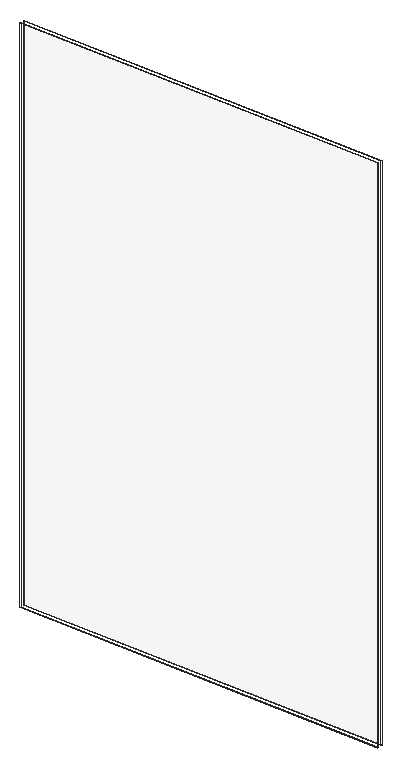
Revit family "Building-Materials_Glass-Glazing_Vitro-Architectural-Glass_Pacifica-Glass", category Curtain Panels, Revit 2026
Family settings
  Classification Number = 23.25.20.14.11.11.17
  Always vertical = Yes
  Cut with Voids When Loaded = No
  Shared = No
Parameters (values of type "Pacifica + Clear")
  Visual Light Transmittance = if(Glass Code = 1, 0.58, if(Glass Code = 2, 0.38, if(Glass Code = 3, 0.37, if(Glass Code = 4, 0.34, if(Glass Code = 5, 0.34, if(Glass Code = 6, 0.26, if(Glass Code = 7, 0.26, if(Glass Code = 8, 0.31, if(Glass Code = 9, 0.31, if(Glass Code = 10, 0.2, if(Glass Code = 11, 0.24, if(Glass Code = 12, 0.24, if(Glass Code = 13, 0.29, if(Glass Code = 14, 0.15, if(Glass Code = 15, 0.26, if(Glass Code = 16, 0.13, if(Glass Code = 17, 0.24, if(Glass Code = 18, 0.12, if(Glass Code = 19, 0.19, if(Glass Code = 20, 0.1, if(Glass Code = 21, 0.14, if(Glass Code = 22, 0.8, 0))))))))))))))))))))))  # 0.38
  UV Light Transmittance = 0.12
  URL = "https://www.vitroglazings.com/"
  U-Value Argon (Winter Night) = 0.4500 BTU/(h·ft²·°F)
  U-Value Argon (Summer Day) = 0.4800 BTU/(h·ft²·°F)
  U-Value Air (Winter Night) = 0.4700 BTU/(h·ft²·°F)
  U-Value Air (Summer Day) = 0.5000 BTU/(h·ft²·°F)
  Total Thickness = Airspace Thickness + [1st Lite Thickness] + [2nd Lite Thickness]  # 0' - 1"
  Thermal Resistance (R) = 8.3333 (h·ft²·°F)/BTU  # constant formula
  Solar Light Transmittance = 0.23
  Solar Heat Gain Coefficient = if(Glass Code = 1, 0.58, if(Glass Code = 2, 0.36, if(Glass Code = 3, 0.3, if(Glass Code = 4, 0.23, if(Glass Code = 5, 0.25, if(Glass Code = 6, 0.19, if(Glass Code = 7, 0.23, if(Glass Code = 8, 0.19, if(Glass Code = 9, 0.22, if(Glass Code = 10, 0.16, if(Glass Code = 11, 0.17, if(Glass Code = 12, 0.21, if(Glass Code = 13, 0.32, if(Glass Code = 14, 0.25, if(Glass Code = 15, 0.22, if(Glass Code = 16, 0.15, if(Glass Code = 17, 0.19, if(Glass Code = 18, 0.13, if(Glass Code = 19, 0.18, if(Glass Code = 20, 0.13, if(Glass Code = 21, 0.21, if(Glass Code = 22, 0.8, 0))))))))))))))))))))))  # 0.36
  Shadow Coefficient = 0.41
  Reflectance (Visible Interior) = 13
  Reflectance (Visible Exterior) = 7
  Product data url = "https://www.bimobject.com/vitroarchictecturalglass/product/pacifica-glass"
  Product Page URL = "https://www.vitroglazings.com/products/performance-tinted-glass/blue-green-tinted-glass/pacifica-glass/"
  Product Guid = "86e9f2c7-5d1a-49a3-9242-129e0006e508"
  Model = "Pacifica + Clear"
  Manufacturer = "Vitro Architectural Glass "  # constant formula
  Light to Solar Gain = 1.06
  Keynote = "08900"  # constant formula
  Interior Glass Material = Vitro Architectural-Glass - Clear
  ISO Damage Weighted Transmittance = 0.371
  Heat Transfer Coefficient (U) = 0.2900 BTU/(h·ft²·°F)  # constant formula
  Glass Code = 2
  Finish = "Glass"  # constant formula
  Exterior Glass Material = Vitro Architectural-Glass - Pacifica
  Description = "Rich-blue Pacifica® glass is part of Vitro Architectural Glass’s (formerly PPG Glass's) collection of nautically inspired tints and can be combined with reflective Solarcool® or subtly reflective color-enriched Vistacool® coatings."  # constant formula
  Define Thermal Properties by = Schematic Type
  Assembly Code = "B2020220"
  Analytic Construction = "Low-E double glazing (1/4 in + 1/4 in)"
  Airspace Thickness = 0' - 0 1/2"  # constant formula
  2nd Lite Thickness = 0' - 0 1/4"  # constant formula
  1st Lite Thickness = 0' - 0 1/4"  # constant formula
Types (20): name | Visual Light Transmittance | UV Light Transmittance | U-Value Argon (Winter Night) | U-Value Argon (Summer Day) | U-Value Air (Winter Night) | U-Value Air (Summer Day) | Solar Light Transmittance | Solar Heat Gain Coefficient | Shadow Coefficient | Reflectance (Visible Interior) | Reflectance (Visible Exterior) | Model | Light to Solar Gain | Interior Glass Material | ISO Damage Weighted Transmittance | Glass Code | Exterior Glass Material
  Pacifica + Clear | 0.38 | 0.12 | 0.4500 BTU/(h·ft²·°F) | 0.4800 BTU/(h·ft²·°F) | 0.4700 BTU/(h·ft²·°F) | 0.5000 BTU/(h·ft²·°F) | 0.23 | 0.36 | 0.41 | 13 | 7 | "Pacifica + Clear" | 1.06 | Vitro Architectural-Glass - Clear | 0.371 | 2 | Vitro Architectural-Glass - Pacifica
  Pacifica + Sungate 400 (3) Clear | 0.37 | 0.07 | 0.2800 BTU/(h·ft²·°F) | 0.2600 BTU/(h·ft²·°F) | 0.3200 BTU/(h·ft²·°F) | 0.3100 BTU/(h·ft²·°F) | 0.19 | 0.3 | 0.34 | 11 | 7 | "Pacifica + Sungate 400 (3) Clear" | 1.23 | Vitro Architectural-Glass - Sungate 400 (3) Clear | 0.337 | 3 | Vitro Architectural-Glass - Pacifica
  Solarban 60 (2) Pacifica + Clear | 0.34 | 0.05 | 0.2400 BTU/(h·ft²·°F) | 0.2200 BTU/(h·ft²·°F) | 0.2900 BTU/(h·ft²·°F) | 0.2700 BTU/(h·ft²·°F) | 0.15 | 0.23 | 0.26 | 10 | 6 | "Solarban 60 (2) Pacifica + Clear" | 1.48 | Vitro Architectural-Glass - Clear | 0.298 | 4 | Vitro Architectural-Glass - Solarban 60 (2) Pacifica
  Pacifica + Solarban 60 (3) Clear | 0.34 | 0.05 | 0.2400 BTU/(h·ft²·°F) | 0.2200 BTU/(h·ft²·°F) | 0.2900 BTU/(h·ft²·°F) | 0.2700 BTU/(h·ft²·°F) | 0.15 | 0.25 | 0.29 | 9 | 6 | "Pacifica + Solarban 60 (3) Clear" | 1.36 | Vitro Architectural-Glass - Solarban 60 (3) Clear | 0.298 | 5 | Vitro Architectural-Glass - Pacifica
  Solarban 67 (2) Pacifica + Clear | 0.26 | 0.03 | 0.2400 BTU/(h·ft²·°F) | 0.2200 BTU/(h·ft²·°F) | 0.2900 BTU/(h·ft²·°F) | 0.2700 BTU/(h·ft²·°F) | 0.11 | 0.19 | 0.21 | 15 | 8 | "Solarban 67 (2) Pacifica + Clear" | 1.37 | Vitro Architectural-Glass - Solarban 60 (3) Clear | 0.225 | 6 | Vitro Architectural-Glass - Solarban 67 (2) Pacifica
  Pacifica + Solarban 67 (3) Clear | 0.26 | 0.03 | 0.2400 BTU/(h·ft²·°F) | 0.2200 BTU/(h·ft²·°F) | 0.2900 BTU/(h·ft²·°F) | 0.2700 BTU/(h·ft²·°F) | 0.11 | 0.23 | 0.27 | 18 | 7 | "Pacifica + Solarban 67 (3) Clear" | 1.13 | Vitro Architectural-Glass - Solarban 67 (3) Clear | 0.225 | 7 | Vitro Architectural-Glass - Pacifica
  Solarban 70 (2) Pacifica + Clear | 0.31 | 0.02 | 0.2400 BTU/(h·ft²·°F) | 0.2100 BTU/(h·ft²·°F) | 0.2800 BTU/(h·ft²·°F) | 0.2600 BTU/(h·ft²·°F) | 0.11 | 0.19 | 0.21 | 13 | 7 | "Solarban 70 (2) Pacifica + Clear" | 1.63 | Vitro Architectural-Glass - Clear | 0.247 | 8 | Vitro Architectural-Glass - Solarban 70 (2) Pacifica
  Pacifica + Solarban 70 (3) | 0.31 | 0.02 | 0.2400 BTU/(h·ft²·°F) | 0.2100 BTU/(h·ft²·°F) | 0.2800 BTU/(h·ft²·°F) | 0.2600 BTU/(h·ft²·°F) | 0.12 | 0.22 | 0.26 | 10 | 6 | "Pacifica + Solarban 70 (3)" | 1.41 | Vitro Architectural-Glass - Solarban 70 (3) | 0.247 | 9 | Vitro Architectural-Glass - Pacifica
  Solarban R100 (2) Pacifica + Clear | 0.2 | 0.03 | 0.2500 BTU/(h·ft²·°F) | 0.2200 BTU/(h·ft²·°F) | 0.2900 BTU/(h·ft²·°F) | 0.2700 BTU/(h·ft²·°F) | 0.09 | 0.16 | 0.19 | 13 | 11 | "Solarban R100 (2) Pacifica + Clear" | 1.25 | Vitro Architectural-Glass - Clear | 0.188 | 10 | Vitro Architectural-Glass - Solarban R100 (2) Pacifica
  Solarban 90 (2) Pacifica + Clear | 0.24 | 0.02 | 0.2400 BTU/(h·ft²·°F) | 0.2100 BTU/(h·ft²·°F) | 0.2900 BTU/(h·ft²·°F) | 0.2700 BTU/(h·ft²·°F) | 0.09 | 0.17 | 0.19 | 18 | 6 | "Solarban 90 (2) Pacifica + Clear" | 1.41 | Vitro Architectural-Glass - Clear | 0.203 | 11 | Vitro Architectural-Glass - Solarban 90 (2) Pacifica
  Pacifica + Solarban 90 (3) Clear | 0.24 | 0.02 | 0.2400 BTU/(h·ft²·°F) | 0.2100 BTU/(h·ft²·°F) | 0.2900 BTU/(h·ft²·°F) | 0.2700 BTU/(h·ft²·°F) | 0.09 | 0.21 | 0.24 | 11 | 8 | "Pacifica + Solarban 90 (3) Clear" | 1.14 | Vitro Architectural-Glass - Solarban 90 (3) Clear | 0.203 | 12 | Vitro Architectural-Glass - Pacifica
  Vistacool (2) Pacifica + Clear | 0.29 | 0.1 | 0.4500 BTU/(h·ft²·°F) | 0.4800 BTU/(h·ft²·°F) | 0.4700 BTU/(h·ft²·°F) | 0.5000 BTU/(h·ft²·°F) | 0.19 | 0.32 | 0.37 | 31 | 11 | "Vistacool (2) Pacifica + Clear" | 0.91 | Vitro Architectural-Glass - Clear | 0.288 | 13 | Vitro Architectural-Glass - Vistacool (2) Pacifica
  Solarcool (2) Pacifica + Clear | 0.15 | 0.04 | 0.4500 BTU/(h·ft²·°F) | 0.4800 BTU/(h·ft²·°F) | 0.4700 BTU/(h·ft²·°F) | 0.5000 BTU/(h·ft²·°F) | 0.11 | 0.25 | 0.29 | 38 | 10 | "Solarcool (2) Pacifica + Clear" | 0.6 | Vitro Architectural-Glass - Clear | 0.121 | 14 | Vitro Architectural-Glass - Solarcool (2) Pacifica
  Vistacool (2) Pacifica + Solarban 60 (3) Clear | 0.26 | 0.04 | 0.2400 BTU/(h·ft²·°F) | 0.2200 BTU/(h·ft²·°F) | 0.2900 BTU/(h·ft²·°F) | 0.2700 BTU/(h·ft²·°F) | 0.12 | 0.22 | 0.25 | 23 | 11 | "Vistacool (2) Pacifica + Solarban 60 (3) Clear" | 1.18 | Vitro Architectural-Glass - Solarban 60 (3) Clear | 0.228 | 15 | Vitro Architectural-Glass - Vistacool (2) Pacifica
  Solarcool (2) Pacifica + Solarban 60 (3) Clear | 0.13 | 0.02 | 0.2400 BTU/(h·ft²·°F) | 0.2200 BTU/(h·ft²·°F) | 0.2900 BTU/(h·ft²·°F) | 0.2700 BTU/(h·ft²·°F) | 0.06 | 0.15 | 0.17 | 29 | 10 | "Solarcool (2) Pacifica + Solarban 60 (3) Clear" | 0.87 | Vitro Architectural-Glass - Solarban 60 (3) Clear | 0.097 | 16 | Vitro Architectural-Glass - Solarcool (2) Pacifica
  Vistacool (2) Pacifica + Solarban 70 (3) | 0.24 | 0.01 | 0.2400 BTU/(h·ft²·°F) | 0.2100 BTU/(h·ft²·°F) | 0.2800 BTU/(h·ft²·°F) | 0.2600 BTU/(h·ft²·°F) | 0.09 | 0.19 | 0.22 | 22 | 11 | "Vistacool (2) Pacifica + Solarban 70 (3)" | 1.26 | Vitro Architectural-Glass - Solarban 70 (3) | 0.191 | 17 | Vitro Architectural-Glass - Vistacool (2) Pacifica
  Solarcool (2) Pacifica + Solarban 70 (3) | 0.12 | 0.01 | 0.2400 BTU/(h·ft²·°F) | 0.2100 BTU/(h·ft²·°F) | 0.2800 BTU/(h·ft²·°F) | 0.2600 BTU/(h·ft²·°F) | 0.04 | 0.13 | 0.15 | 27 | 10 | "Solarcool (2) Pacifica + Solarban 70 (3)" | 0.92 | Vitro Architectural-Glass - Solarban 70 (3) | 0.082 | 18 | Vitro Architectural-Glass - Solarcool (2) Pacifica
  Vistacool (2) Pacifica + Solarban 90 (3) Clear | 0.19 | 0.02 | 0.2400 BTU/(h·ft²·°F) | 0.2100 BTU/(h·ft²·°F) | 0.2900 BTU/(h·ft²·°F) | 0.2700 BTU/(h·ft²·°F) | 0.07 | 0.18 | 0.21 | 19 | 12 | "Vistacool (2) Pacifica + Solarban 90 (3) Clear" | 1.06 | Vitro Architectural-Glass - Solarban 90 (3) Clear | 0.16 | 19 | Vitro Architectural-Glass - Vistacool (2) Pacifica
  Solarcool (2) Pacifica + Solarban 90 (3) Clear | 0.1 | 0.01 | 0.2400 BTU/(h·ft²·°F) | 0.2100 BTU/(h·ft²·°F) | 0.2900 BTU/(h·ft²·°F) | 0.2700 BTU/(h·ft²·°F) | 0.04 | 0.13 | 0.15 | 22 | 10 | "Solarcool (2) Pacifica + Solarban 90 (3) Clear" | 0.77 | Vitro Architectural-Glass - Solarban 90 (3) Clear | 0.069 | 20 | Vitro Architectural-Glass - Solarcool (2) Pacifica
  Solarcool (1) Pacifica + Clear | 0.14 | 0.04 | 0.4500 BTU/(h·ft²·°F) | 0.4800 BTU/(h·ft²·°F) | 0.4700 BTU/(h·ft²·°F) | 0.5000 BTU/(h·ft²·°F) | 0.1 | 0.21 | 0.24 | 17 | 36 | "Solarcool (1) Pacifica + Clear" | 0.67 | Vitro Architectural-Glass - Clear | 0.119 | 21 | Vitro Architectural-Glass - Solarcool (1) Pacifica
Reference planes (in)
  plane 1 "Front": y = 0
  plane 2: z = 0
  plane 3 "Center (Left/Right)": x = 0
  plane 4 "Left": x = -32.75106
  plane 5 "Right": x = 32.75106
  plane 6 "Top": z = 96
  plane 7: y = 0.25
  plane 8: y = -0.25
Forms (in)
  Extrusion 1, solid, material "Vitro Architectural-Glass - Clear" <- "Interior Glass Material"
    sketch origin (0, 0.5, 0) x (1, 0, 0) y (0, 1, 0)
      loop
        line (-32.75106, 0) -> (-32.75106, -0.25) -> (32.75106, -0.25) -> (32.75106, 0) -> (-32.75106, 0)
    from 0 to 96
  Extrusion 2, solid, material "Vitro Architectural-Glass - Pacifica" <- "Exterior Glass Material"
    sketch origin (0, -0.5, 0) x (1, 0, 0) y (0, 1, 0)
      loop
        line (-32.75106, 0.25) -> (-32.75106, 0) -> (32.75106, 0) -> (32.75106, 0.25) -> (-32.75106, 0.25)
    from 0 to 96
Text (in)
  text "Exterior" at (-54.29358, 31.38743, 0), in view "Ref. Level"
  text "Exterior" at (480, 41.53993, 89.60405), in view "Right"
  text "Exterior" at (-240, 57.82419, 105.78864), in view "Left"
Dimensions and locks (in)
  equal spacing: plane 4 "Left", plane 3 "Center (Left/Right)", plane 5 "Right"
  "2nd Lite Thickness": Extrusion 2 sketch curve to Extrusion 2 sketch curve
  equal spacing: plane 7, plane 1 "Front", plane 8
  "Airspace Thickness": plane 7 to plane 8
  "1st Lite Thickness": Extrusion 1 sketch curve to plane 7
  "Total Thickness": Extrusion 2 to Extrusion 1
  aligned and locked: level to plane 2
  aligned and locked: Extrusion 1 sketch curve to plane 4 "Left"
  aligned and locked: plane 5 "Right" to Extrusion 1 sketch curve
  aligned and locked: plane 5 "Right" to Extrusion 2 sketch curve
  aligned and locked: Extrusion 2 sketch curve to plane 4 "Left"
  aligned and locked: Extrusion 1 to plane 6 "Top"
  aligned and locked: Extrusion 1 to level
  aligned and locked: Extrusion 2 to plane 6 "Top"
  aligned and locked: Extrusion 2 to level
  aligned and locked: plane 8 to Extrusion 2
  aligned and locked: plane 7 to Extrusion 1 sketch curve
  aligned and locked: Extrusion 2 sketch curve to plane 8
